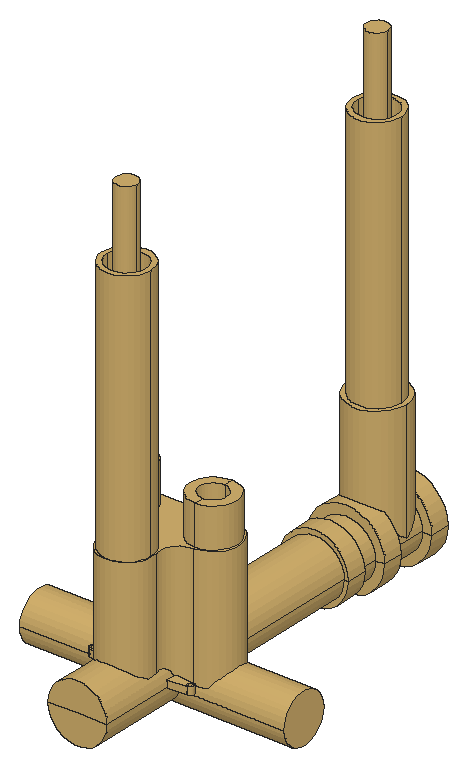
Revit family "Valve_Rough-Thermostatic-DXV-D35005511.191", category Plumbing Fixtures, host Face, Revit 2019
Family settings
  Host = Face
  Round Connector Dimension = Use Radius
  Part Type = Normal
  OmniClass Number = 23.45.05.14.17
  OmniClass Title = Showers
  Cut with Voids When Loaded = No
  Shared = Yes
  Room Calculation Point = No
Parameters (values of type "D35005511.191")
  Width = 5 7/8"
  Waste Connection = no
  WFU = 4
  Vent Connection = no
  URL = "https://www.dxv.com/"
  Type Comments = ""
  Temperred Connection Width = 1 11/16"
  Tempered Water Connection Radius = 1/4"
  Tempered Water Connection Diameter = Tempered Water Connection Radius * 2  # 1/2"
  Product Page URL = "https://www.dxv.com/Diverters-Other-Valves-and-Trims/2-Handle-Thermostatic-Rough-Valve-with-Volume-Control/UNFINISHED-D35005511191"
  Product Documentation Link = "https://dxv01.blob.core.windows.net/dxv-product-pdf-files/spec_D35005511_DXV_Modulus_2hand_thermo_rough_vc_EN.pdf"
  Price = "Prices may vary. Please consult Manufacturer Representative for most up-to-date price list."  # constant formula
  Model = "D35005511.191"
  Material = "Metal-DXV-Brass"
  Manufacturer = "DXV"
  Length = 1 3/4"
  Installation Type = "Wall Mounted"
  IAPMO Compliance = "Meets or Exceeds ASME A112.18.1/CSA B125.1/ASSE 1016"
  Hot/Cold Inlet to Wall Constraint = if([Hot/Cold Inlet to Wall] < 3 11/16", 3 11/16", if([Hot/Cold Inlet to Wall] > 5 1/16", 5 1/16", [Hot/Cold Inlet to Wall]))  # 3 11/16"
  Hot/Cold Inlet to Wall = 3 11/16"
  Height = 3 3/8"
  HWFU = 3
  HW Connection = yes
  Finish = Metal-DXV-Brass
  Description = "2-HANDLE THERMOSTATIC ROUGH WITH VOLUME CONTROL"  # constant formula
  Default Elevation = 0"
  Creation Date = "07/27/2022"  # constant formula
  CWFU = 2
  CW Connection = yes
  Back to Finished Wall Constraint = if(Back to Finished Wall < 3", 3", if(Back to Finished Wall > 4 3/8", 4 3/8", Back to Finished Wall))  # 3"
  Back to Finished Wall = 3"
  Assembly Code = "D2010710"
Reference planes (in)
  plane 1 "Center (Front/Back)": y = 0
  plane 2: z = 0
  plane 3 "Center (Left/Right)": x = 0
  plane 4: x = -1.6875
  plane 5 "Tube Body": z = -3
  plane 6: y = -0.71991
  plane 7: y = 3.28009
  plane 8: y = 2.78009
  plane 9: y = 3.78009
  plane 10: y = -1.5
  plane 11: y = 3.03009
  plane 12: y = 3.53009
  plane 13: y = 2.53009
  plane 14: y = 2.28009
  plane 15: x = 1.6875
  plane 16: z = -3.5
  plane 17: z = 0
  plane 18: z = -2.5
  plane 19: z = 2.75
  plane 20: z = -0.9375
  plane 21: z = 1.82812
  plane 22: z = -1.4375
  plane 23: y = -0.71991
  plane 24: z = -3.6875
  plane 25: z = -3.125
  plane 26: z = -4.25
Forms (in)
  Extrusion 1, solid, material "Metal-DXV-Brass" <- "Finish"
    sketch origin (0, 0, 0) x (0, 1, 0) y (0, 0, 1)
      loop
        circle (0, -3.125) r 0.25
      loop
        circle (0, -3.125) r 0.3125
    from -1.6875 to 1.6875
  Extrusion 2, solid, material "Metal-DXV-Brass" <- "Finish"
    sketch origin (0, 0, -0.51392) x (1, 0, 0) y (0, 1, 0)
      loop
        arc (-0.31863, -0.64062) -> (0, -1.04825) -> (0.31863, -0.64062) r 0.32835
        arc (0.31863, -0.64062) -> (0.36041, -0.43135) -> (0.54851, -0.33058) r 0.25
        arc (0.54851, -0.33058) -> (0.86336, 0.00832) -> (0.53228, 0.33139) r 0.33118
        line (0.53228, 0.33139) -> (-0.54878, 0.33139)
        arc (-0.54878, 0.33139) -> (-0.87975, 0.00041) -> (-0.54878, -0.33056) r 0.33097
        arc (-0.54878, -0.33056) -> (-0.36049, -0.43125) -> (-0.31863, -0.64062) r 0.25
      loop
        circle (0, 3.28009) r 0.37264
    from -2.48608 to -0.92358
  Extrusion 3, solid, material "Metal-DXV-Brass" <- "Finish"
    sketch origin (-3, 0, 0) x (0, 1, 0) y (0, 0, 1)
      loop
        circle (0, -3.125) r 0.25
    from 1.3125 to 3
  Extrusion 4, solid, material "Metal-DXV-Brass" <- "Finish"
    sketch origin (3, 0, 0) x (0, 1, 0) y (0, 0, -1)
      loop
        circle (0, 3.125) r 0.25
    from 1.3125 to 3
  Extrusion 5, solid, material "Metal-DXV-Brass" <- "Finish"
    sketch origin (0, -1.6875, 0) x (1, 0, 0) y (0, 0, 1)
      loop
        circle (0, -3) r 0.25
    from -1.6875 to -0.1875
  Extrusion 6, solid, material "Metal-DXV-Brass" <- "Finish"
    sketch origin (0, 1.6875, 0) x (1, 0, 0) y (0, 0, -1)
      loop
        circle (0, 3) r 0.25
    from -1.6875 to 2.09259
  Revolve 7, solid, material "Metal-DXV-Brass" <- "Finish"
    sketch origin (0, 0, -3) x (0, -1, 0) y (1, 0, 0)
      loop
        line (-3.78009, 0) -> (1.5, 0) -> (1.5, 0.375) -> (-2.28009, 0.375) -> (-2.28009, 0.4375) -> (-2.53009, 0.4375) -> (-2.53009, 0.375) -> (-2.78009, 0.375) -> (-2.78009, 0.5) -> (-3.03009, 0.5) -> (-3.03009, 0.375) -> (-3.53009, 0.375) -> (-3.53009, 0.5) -> (-3.78009, 0.5) -> (-3.78009, 0)
      axis (-3.78009, 0) -> (1.5, 0)
    angle from 0 to 360
  Extrusion 8, solid, material "Metal-DXV-Brass" <- "Finish"
    sketch origin (0, 0, 0) x (1, 0, 0) y (0, 1, 0)
      loop
        circle (0, 3.28009) r 0.25
      loop
        circle (0, 3.28009) r 0.31014
      loop
        circle (0, -0.71991) r 0.25
      loop
        circle (0, -0.71991) r 0.31014
    from -3 to 1.82812
  Revolve 9, solid, material "Metal-DXV-Brass" <- "Finish"
    sketch origin (-0.53228, 0, 0) x (0, 1, 0) y (0, 0, 1)
      loop
        line (0.29972, -2.125) -> (0.29972, -0.9375) -> (0.17472, -0.9375) -> (0.17472, -2.125) -> (0.29972, -2.125)
      axis (0, -0.9375) -> (0, -2.125)
    angle from 0 to 360
  Revolve 10, solid, material "Metal-DXV-Brass" <- "Finish"
    sketch origin (0.53228, 0, 0) x (0, 1, 0) y (0, 0, -1)
      loop
        line (0.29972, 1.4375) -> (0.17472, 1.4375) -> (0.17472, 0.9375) -> (0.29972, 0.9375) -> (0.29972, 1.4375)
      axis (0, 0.9375) -> (0, 1.4375)
    angle from 0 to 360
  Extrusion 11, solid, material "Metal-DXV-Brass" <- "Finish"
    sketch origin (0, 0, 0) x (1, 0, 0) y (0, 1, 0)
      loop
        line (-0.32797, -0.54806) -> (0.32797, -0.54806) -> (0.62321, -0.52225)
        arc (0.62321, -0.52225) -> (0.66474, -0.47713) -> (0.62295, -0.43225) r 0.04513
        line (0.62295, -0.43225) -> (0.30907, -0.40592) -> (-0.30907, -0.40592) -> (-0.62295, -0.43225)
        arc (-0.62295, -0.43225) -> (-0.66474, -0.47713) -> (-0.62321, -0.52225) r 0.04513
        line (-0.62321, -0.52225) -> (-0.32797, -0.54806)
      loop
        circle (-0.61961, -0.47726) r 0.03121
      loop
        circle (0.61961, -0.47726) r 0.03125
    from -3 to -2.90923
  Extrusion 12, solid, material "Metal-DXV-Brass" <- "Finish"
    sketch origin (0, 0, 0) x (1, 0, 0) y (0, 1, 0)
      loop
        circle (0, 3.28009) r 0.13362
      loop
        circle (0, -0.71991) r 0.13362
    from -3 to 2.75
Cuts and joins
  joined: Extrusion 1, Extrusion 2, Extrusion 3, Extrusion 4, Extrusion 5, Extrusion 6, Revolve 7, Extrusion 8, Revolve 9, Revolve 10, Extrusion 11, Extrusion 12
Lines and regions (in)
  Masking region 1, detail levels medium+fine
    outline origin (0, 0, 0) x (1, 0, 0) y (0, 0, 1)
      loop
        line (-0.31014, -0.9375) -> (-0.83201, -0.9375) -> (-0.83201, -1.4375) -> (-0.87975, -1.4375) -> (-0.87975, -2.6875) -> (-1.6875, -2.6875) -> (-1.6875, -3.3125) -> (-0.39031, -3.3125)
        arc (-0.39031, -3.3125) -> (0, -3.5) -> (0.39031, -3.3125) r 0.5
        line (0.39031, -3.3125) -> (1.6875, -3.3125) -> (1.6875, -2.6875) -> (0.8633, -2.6875) -> (0.8633, -1.4375) -> (0.83201, -1.4375) -> (0.83201, -0.9375) -> (0.31014, -0.9375) -> (0.31014, 0) -> (-0.31014, 0) -> (-0.31014, -0.9375)
  Masking region 2
    outline origin (0, 0, 0) x (1, 0, 0) y (0, 0, 1)
      loop
        line (0.31014, 0) -> (0.31014, 1.82812) -> (0.13241, 1.82812) -> (0.13241, 2.75) -> (-0.13362, 2.75) -> (-0.13362, 1.82812) -> (-0.31014, 1.82812) -> (-0.31014, 0) -> (0.31014, 0)
  symbolic lines
    curve 1: line (0.13241, 0, 1.82812) -> (-0.13325, 0, 1.82812)
Dimensions and locks (in)
  plane 4 to plane 3 "Center (Left/Right)" = 1 11/16"
  plane 14 to plane 13 to plane 8 to plane 11 to plane 7 to plane 12 to plane 9 = 1/4" locked, 1/4" locked, 1/4" locked, 1/4" locked, 1/4" locked, 1/4" locked
  plane 3 "Center (Left/Right)" to Revolve 7 sketch curve to Revolve 7 sketch curve to Revolve 7 sketch curve to Revolve 7 sketch curve to Revolve 7 sketch curve = 3/8" locked, 0" locked, 1/16" locked, 1/16" locked, 0" locked
  plane 6 to plane 7 = 4"
  plane 19 to plane 20 to plane 16 = 3 11/16" locked, 2 9/16" locked
  locked: plane 21 to plane 19 at 0.92187
  plane 20 to plane 22 = 1/2"
  plane 16 to plane 5 "Tube Body" to plane 18 = 1/2" locked, 1/2" locked
  "Back to Finished Wall Constraint": level to plane 5 "Tube Body"
  locked: cut or joined group 1 (Extrusion 1, Extrusion 2, Extrusion 3, Extrusion 4, Extrusion 5, Extrusion 6, Revolve 7, Extrusion 8, Revolve 9, Revolve 10, Extrusion 11, Extrusion 12) to plane 5 "Tube Body" at 0.09077
  "Hot/Cold Inlet to Wall Constraint": level to plane 24
  plane 25 to plane 24 to plane 26 = 9/16" locked, 9/16" locked
  aligned and locked: plane 2 to host face
  aligned and locked: Extrusion 8 to plane 21
  aligned and locked: plane 22 to Extrusion 2
  aligned and locked: plane 4 to Extrusion 3
  aligned and locked: plane 3 "Center (Left/Right)" to Extrusion 3
  aligned and locked: Extrusion 1 to Extrusion 4
  aligned and locked: plane 1 "Center (Front/Back)" to Extrusion 6
  aligned and locked: Extrusion 5 to plane 1 "Center (Front/Back)"
  aligned and locked: Extrusion 12 to plane 19
  aligned and locked: Extrusion 12 to plane 5 "Tube Body"
  aligned and locked: Extrusion 8 to plane 5 "Tube Body"
  aligned and locked: Extrusion 2 to plane 5 "Tube Body"
  aligned and locked: plane 22 to cut or joined group 1
  aligned and locked: cut or joined group 1 to plane 20  (x2)
  aligned and locked: cut or joined group 1 to plane 22  (x2)
  aligned and locked: Extrusion 11 to plane 5 "Tube Body"
  aligned and locked: plane 20 to Masking region 1 sketch curve
  aligned and locked: plane 22 to Masking region 1 sketch curve
  aligned and locked: Masking region 1 sketch curve to plane 4
  aligned and locked: Masking region 1 sketch curve to cut or joined group 1
  aligned and locked: Masking region 1 to host face
  aligned and locked: Masking region 1 to Masking region 2 sketch curve
  aligned and locked: Masking region 2 sketch curve to cut or joined group 1  (x3)
  aligned and locked: host face to Masking region 2 sketch curve
  aligned and locked: Masking region 2 sketch curve to Masking region 1
  aligned and locked: plane 1 "Center (Front/Back)" to Extrusion 1 sketch curve  (x2)
  aligned and locked: plane 1 "Center (Front/Back)" to Extrusion 3 sketch curve
  aligned and locked: plane 1 "Center (Front/Back)" to Extrusion 4 sketch curve
  aligned and locked: plane 25 to Extrusion 1 sketch curve  (x2)
  aligned and locked: plane 25 to Extrusion 3 sketch curve
  aligned and locked: plane 25 to Extrusion 4 sketch curve
Automatic sketch dimensions
  host sketch curve to host sketch curve = 96"  (x2)
  Extrusion 2 sketch curve to Extrusion 2 sketch curve = 0"  (x4)
  plane 7 to Extrusion 2 sketch curve = 0"
  Extrusion 2 sketch curve to plane 3 "Center (Left/Right)" = 0"  (x2)
  plane 6 to Extrusion 2 sketch curve = 0"
  Extrusion 2 sketch curve to plane 3 "Center (Left/Right)" = 0.54878"
  Extrusion 2 sketch curve to Extrusion 2 sketch curve = 0.01246"
  plane 3 "Center (Left/Right)" to Extrusion 2 sketch curve = 0.53228"
  Extrusion 2 sketch curve to plane 6 = 0.13965"  (x2)
  plane 3 "Center (Left/Right)" to Extrusion 2 sketch curve = 0.56123"
  Extrusion 2 sketch curve to plane 1 "Center (Front/Back)" = 0.00021"
  Extrusion 2 sketch curve to plane 1 "Center (Front/Back)" = 0.00041"
  Extrusion 2 sketch curve to Extrusion 2 sketch curve = 0.33097"
  Extrusion 2 sketch curve to Extrusion 2 sketch curve = 0.37264"
  Extrusion 5 sketch curve to plane 3 "Center (Left/Right)" = 0"
  Extrusion 5 sketch curve to plane 5 "Tube Body" = 0"
  Extrusion 6 sketch curve to plane 3 "Center (Left/Right)" = 0"
  Extrusion 6 sketch curve to plane 5 "Tube Body" = 0"
  Revolve 7 sketch curve to plane 3 "Center (Left/Right)" = 0"  (x2)
  plane 9 to Revolve 7 sketch curve = 0"  (x2)
  plane 12 to Revolve 7 sketch curve = 0"
  plane 11 to Revolve 7 sketch curve = 0"
  plane 8 to Revolve 7 sketch curve = 0"
  plane 13 to Revolve 7 sketch curve = 0"
  plane 14 to Revolve 7 sketch curve = 0"
  plane 10 to Revolve 7 sketch curve = 0"
  Revolve 7 sketch curve to Revolve 7 sketch curve = 3/8"
  Revolve 7 sketch curve to Revolve 7 sketch curve = 3/4"
  Extrusion 8 sketch curve to Extrusion 8 sketch curve = 0"  (x4)
  Extrusion 8 sketch curve to plane 3 "Center (Left/Right)" = 0"  (x2)
  plane 6 to Extrusion 8 sketch curve = 0"
  plane 7 to Extrusion 8 sketch curve = 0"
  Revolve 9 sketch curve to plane 1 "Center (Front/Back)" = 0"
  plane 20 to Revolve 9 sketch curve = 0"
  Revolve 9 sketch curve to plane 1 "Center (Front/Back)" = 0.17472"
  Revolve 9 sketch curve to Revolve 9 sketch curve = 1/8"
  Revolve 9 sketch curve to plane 18 = 3/8"
  Revolve 9 sketch curve to plane 22 = 3/16"
  Revolve 9 sketch curve to Revolve 9 sketch curve = 0"
  Revolve 10 sketch curve to plane 1 "Center (Front/Back)" = 0"
  Revolve 10 sketch curve to plane 22 = 0"  (x2)
  plane 20 to Revolve 10 sketch curve = 0"  (x2)
  Revolve 10 sketch curve to Revolve 10 sketch curve = 0.17472"
  Revolve 10 sketch curve to Revolve 10 sketch curve = 1/8"
  Extrusion 11 sketch curve to Extrusion 11 sketch curve = 0"  (x4)
  Extrusion 11 sketch curve to plane 6 = 0.19766"  (x2)
  Extrusion 11 sketch curve to plane 3 "Center (Left/Right)" = 0.62321"
  Extrusion 11 sketch curve to plane 6 = 0.28765"  (x2)
  Extrusion 11 sketch curve to Extrusion 11 sketch curve = 0.00026"
  Extrusion 11 sketch curve to Extrusion 11 sketch curve = 0.00334"  (x2)
  Extrusion 11 sketch curve to Extrusion 11 sketch curve = 0.29524"
  Extrusion 11 sketch curve to Extrusion 11 sketch curve = 0.01891"  (x2)
  plane 3 "Center (Left/Right)" to Extrusion 11 sketch curve = 0.30907"
  Extrusion 11 sketch curve to Extrusion 11 sketch curve = 0.29164"
  Extrusion 11 sketch curve to Extrusion 11 sketch curve = 0.0036"
  Extrusion 11 sketch curve to plane 6 = 0.17184"
  Extrusion 11 sketch curve to Extrusion 11 sketch curve = 0.14214"
  Extrusion 12 sketch curve to plane 3 "Center (Left/Right)" = 0"  (x2)
  plane 6 to Extrusion 12 sketch curve = 0"
  plane 7 to Extrusion 12 sketch curve = 0"
  curve 1 to plane 21 = 0"
  curve 1 to plane 3 "Center (Left/Right)" = 0.13325"
  plane 3 "Center (Left/Right)" to curve 1 = 0.13241"
  Masking region 1 sketch curve to plane 3 "Center (Left/Right)" = 0"
  Masking region 1 sketch curve to plane 20 = 0"
  Masking region 1 sketch curve to plane 22 = 0"
  Masking region 1 sketch curve to plane 15 = 0"
  Masking region 1 sketch curve to plane 5 "Tube Body" = 0"
  plane 18 to Masking region 1 sketch curve = 3/16"  (x2)
  Masking region 1 sketch curve to plane 4 = 0.80775"
  Masking region 1 sketch curve to Masking region 1 sketch curve = 0.04774"
  plane 16 to Masking region 1 sketch curve = 3/16"  (x2)
  Masking region 1 sketch curve to plane 3 "Center (Left/Right)" = 0.39031"
  Masking region 1 sketch curve to Masking region 1 sketch curve = 0.52187"
  Masking region 1 sketch curve to Masking region 1 sketch curve = 0.03129"
  plane 3 "Center (Left/Right)" to Masking region 1 sketch curve = 0.31014"
  Masking region 1 sketch curve to level = 0"
  plane 3 "Center (Left/Right)" to Masking region 2 sketch curve = 0.13241"
  Masking region 2 sketch curve to plane 3 "Center (Left/Right)" = 0.13362"
  radius of Extrusion 5 sketch curve = 1/4"
  radius of Extrusion 6 sketch curve = 1/4"
  radius of Extrusion 8 sketch curve = 1/4"  (x2)
  radius of Extrusion 8 sketch curve = 0.31014"  (x2)
  radius of Extrusion 11 sketch curve = 0.03121"
  radius of Extrusion 11 sketch curve = 1/32"
  radius of Extrusion 12 sketch curve = 0.13362"  (x2)
  radius of Extrusion 1 sketch curve = 1/4"
  radius of Extrusion 1 sketch curve = 5/16"
  radius of Extrusion 3 sketch curve = 1/4"
  radius of Extrusion 4 sketch curve = 1/4"
Connectors (in)
  piping at (1.6875, 0, -3.125), diameter 0.5, driven by "Tempered Water Connection Radius"
    settings: on Extrusion 4, index 1, connector inside diameter 1/2", connector length 0", flow factor 0, pipe flow 0 GPM, pressure drop 0.00 psi, fitting loss kfactor 0, connector angle 0.00°, fixture units 3, engagement length 0", angle of deflection 0.00°, flow configuration 3, flow direction 1, fitting loss method 0, system type 20, joint type 0, gender type 0, connector reference index -1, connector utility 0, adjustable connector no, is connector primary yes, connector description "1/2\" NPT CW Inlet Connection"
  piping at (0, -1.5, -3), diameter 0.5, driven by "Tempered Water Connection Radius"
    settings: on Extrusion 5, index 2, connector inside diameter 1/2", connector length 0", flow factor 0, pipe flow 0 GPM, pressure drop 0.00 psi, fitting loss kfactor 0, connector angle 0.00°, fixture units 3, engagement length 0", angle of deflection 0.00°, flow configuration 0, flow direction 1, fitting loss method 0, system type 29, joint type 0, gender type 0, connector reference index -1, connector utility 0, adjustable connector no, is connector primary no, connector description "1/2\" NPT Outlet Connection B"
  piping at (-1.6875, 0, -3.125), diameter 0.5, driven by "Tempered Water Connection Radius"
    settings: on Extrusion 3, index 3, connector inside diameter 1/2", connector length 0", flow factor 0, pipe flow 0 GPM, pressure drop 0.00 psi, fitting loss kfactor 0, connector angle 0.00°, fixture units 3, engagement length 0", angle of deflection 0.00°, flow configuration 3, flow direction 1, fitting loss method 0, system type 19, joint type 0, gender type 0, connector reference index -1, connector utility 0, adjustable connector no, is connector primary no, connector description "1/2\" NPT HW Inlet Connection"
  piping at (0, 3.78009, -3), diameter 0.5, driven by "Tempered Water Connection Radius"
    settings: on Extrusion 6, index 4, connector inside diameter 1/2", connector length 0", flow factor 0, pipe flow 0 GPM, pressure drop 0.00 psi, fitting loss kfactor 0, connector angle 0.00°, fixture units 3, engagement length 0", angle of deflection 0.00°, flow configuration 3, flow direction 1, fitting loss method 0, system type 7, joint type 0, gender type 0, connector reference index -1, connector utility 0, adjustable connector no, is connector primary no, connector description "1/2\" NPT Outlet Connection A"
